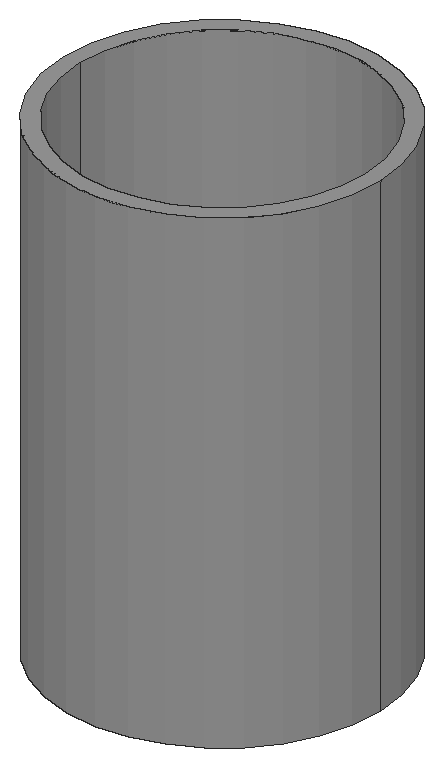
Revit family "BV1260", category Plumbing Fixtures, Revit 2013
Parameters (values of type "BV1260-2'")
  pipe size = 2' - 0"
  URL = "www.mifab.com"
  Thickness = pipe size - 0' 2 51/128"  # 1' - 9 77/128"
  Model = "BV1260"
  Manufacturer = "Mifab"
  Description = "Vertical cast iron backwater valve with neoprene seat"
  Body Material = Cast iron
Types (4): name | pipe size | Thickness
  (no name) | 2' - 0" | 1' - 9 77/128"
  BV1260-2' | 2' - 0" | 1' - 9 77/128"
  BV1260-3' | 3' - 0" | 2' - 9 77/128"
  BV1260-4' | 4' - 0" | 3' - 9 77/128"
Reference planes (in)
  plane 1 "Center (Front/Back)": y = 0
  plane 2: z = -8.8198
  plane 3 "Center (Left/Right)": x = 0
  plane 4: z = -80.8198
Forms (in)
  Extrusion 1, solid, material "Cast iron" <- "Body Material"
    sketch origin (0, 0, -8.8198) x (1, 0, 0) y (0, 1, 0)
      loop
        circle (0, 0) r 24
      loop
        circle (0, 0) r 21.60156
    from 0 to -72
Dimensions and locks (in)
  locked: level to plane 4 at 72
  "pipe size": radius of Extrusion 1 sketch curve
  "Thickness": radius of Extrusion 1 sketch curve
  aligned and locked: level to plane 2
  aligned and locked: plane 1 "Center (Front/Back)" to Extrusion 1 sketch curve  (x2)
  aligned and locked: Extrusion 1 to plane 4
Automatic sketch dimensions
  Extrusion 1 sketch curve to Extrusion 1 sketch curve = 0' - 0"
  Extrusion 1 sketch curve to plane 3 "Center (Left/Right)" = 0' - 0"
